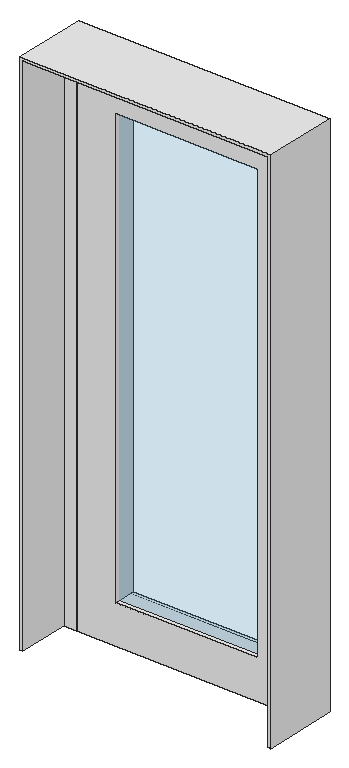
Revit family "Doorset_Exterior Door with Code Fitting_ASSA ABLOY DE_Hardware Light", category Doors, host Wall, Revit 2015
Parameters (values of type "900 x 2110 mm (1000 x 2160 mm)")
  Uniclass 2.0 Description = "Doorsets"
  Uniclass 2.0 Code = "PR-59-23"
  Uniclass 1.4 Description = "Doors"
  Uniclass 1.4 Code = "L411"
  URL = "http://www.assaabloy.de/de/local/de/bim-spezifikationen/bim-tuerloesungen/bim/eingangstuer-mit-codebeschlag-und-panikschloss-de08/"
  Type Comments = "900 x 2110 mm (1000 x 2160 mm)"
  Thickness Constraint = if(Thickness < Minimum Thickness, Minimum Thickness, if(Thickness > Maximum Thickness, Maximum Thickness, Thickness))  # 90 mm
  Thickness = 90 mm
  Rough Width = Width + 24 mm  # 1024 mm
  Rough Height = Height + 12 mm  # 2172 mm
  Region Europe = "DE"
  Provider = "ASSA ABLOY DE"  # constant formula
  Product Guid = "2306de3a-a31f-441d-86b6-8b9c96043a70"
  Panel Width = Width - (2 mm * 50)  # 900 mm
  Panel Material = Steel/Aluminium
  Panel Height = Height - 50 mm  # 2110 mm
  OmniClass Title = "Doors"
  OmniClass Number = "23-17 11 00"
  Name = "Entrance Door with Code Fitting"  # constant formula
  NBS Reference Description = "Doorsets"
  NBS Reference Code = "59-23"
  Model = "Doorset_Entrance Door with Code Fitting_ASSA ABLOY DE_Hardware Light"  # constant formula
  Minimum Thickness = 38 mm  # constant formula
  Minimum Door Width = 900 mm  # constant formula
  Minimum Door Height = 2110 mm  # constant formula
  Maximum Thickness = 105 mm  # constant formula
  Maximum Door Width = 1500 mm  # constant formula
  Maximum Door Height = 3750 mm  # constant formula
  Manufacturer = "ASSA ABLOY"  # constant formula
  Locksets = "1x Security Panic Lock_OneSystem_ASSA ABLOY"  # constant formula
  Identity and Access Solutions = "1x Escutcheon code fitting + Handle_ESA Premium_Effeff"  # constant formula
  IFC Classification = "Door"
  Hardware Set = "ES1-AC-PE-ML-DC-DE08"  # constant formula
  Function = Exterior
  Height = if(Frame Height < Minimum Door Height, Minimum Door Height + 50 mm, if(Frame Height > Maximum Door Height, Maximum Door Height + 50 mm, Frame Height))  # 2160 mm
  Wall Closure = By host
  Width = if(Frame Width < Minimum Door Width, Minimum Door Width + 100 mm, if(Frame Width > Maximum Door Width, Maximum Door Width + 100 mm, Frame Width))  # 1000 mm
  Frame Width = 1000 mm
  Frame Material = Steel/Aluminium
  Frame Height = 2160 mm
  Frame Depth [instance] = Thickness Constraint  # 90 mm
  Edition number = 1
  Door Width [instance] = 1000 mm
  Door Height [instance] = 2160 mm
  Door Closers = "1x Door Closer DC700 with guide rail_Cam-Motion®_ASSA ABLOY"  # constant formula
  Description = "Self Closing Access Control with Panic Device"  # constant formula
  Date of publishing = "22.09.2016"
  Contact Provider = "www.assaabloy.de/kontakt-tuerloesungen/"
  BIMobject Unique ref = "ES1-AC-PE-ML-DC-DE08"
  BIMobject Product Page = "http://bimobject.com/assaabloy-de/product/es1-ac-pe-ml-dc-de08"
  BIMobject Product Group = "Single-Steel/Aluminium-Self Closing-Access Control-Panic Device"
  BIMobject Product Family = "Exterior Door Solutions"
  BIMobject Instructions Video = "https://www.youtube.com/watch?v=BP0i_x6Tqq8&feature=youtu.be"
  BIMobject Brand = "ASSA ABLOY DE"
Types (8, lengths in mm): name | Type Comments | Rough Width | Rough Height | Panel Width | Panel Height | Height | Width | Frame Width | Frame Height | Door Width | Door Height
  (no name) | "900 x 2110 mm (1000 x 2160 mm)" | 1024 | 2172 | 900 | 2110 | 2160 | 1000 | 1000 | 2160 | 1000 | 2160
  900 x 2110 mm (1000 x 2160 mm) | "900 x 2110 mm (1000 x 2160 mm)" | 1024 | 2172 | 900 | 2110 | 2160 | 1000 | 1000 | 2160 | 1000 | 2160
  1000 x 2110 mm (1100 x 2160 mm) | "1000 x 2110 mm (1100 x 2160 mm)" | 1124 | 2172 | 1000 | 2110 | 2160 | 1100 | 1100 | 2160 | 1100 | 2160
  1000 x 2500 mm (1100 x 2550 mm) | "1000 x 2500 mm (1100 x 2550 mm)" | 1124 | 2562 | 1000 | 2500 | 2550 | 1100 | 1100 | 2550 | 1100 | 2550
  1000 x 3750 mm (1100 x 3800 mm) | "1000 x 3750 mm (1100 x 3800 mm)" | 1124 | 3812 | 1000 | 3750 | 3800 | 1100 | 1100 | 3800 | 1100 | 3800
  1300 x 2500 mm (1400 x 2550 mm) | "1300 x 2500 mm (1400 x 2550 mm)" | 1424 | 2562 | 1300 | 2500 | 2550 | 1400 | 1400 | 2550 | 1400 | 2550
  1300 x 3750 mm (1400 x 3800 mm) | "1300 x 3750 mm (1400 x 3800 mm)" | 1424 | 3812 | 1300 | 3750 | 3800 | 1400 | 1400 | 3800 | 1400 | 3800
  1500 x 3750 mm (1600 x 3800 mm) | "1500 x 3750 mm (1600 x 3800 mm)" | 1624 | 3812 | 1500 | 3750 | 3800 | 1600 | 1600 | 3800 | 1600 | 3800
Reference planes
  plane 1: y = 0
  plane 2 "Center (Left/Right)": x = 0
  plane 3 "Exterior": y = 150
  plane 4 "Interior": y = -150
  plane 5: y = 60
  plane 6: x = 512
  plane 7: x = -512
  plane 8: z = 2172
  plane 9: x = -500
  plane 10: x = 500
  plane 11: z = 2160
  plane 12: x = -450
  plane 13: x = 450
  plane 14: z = 2110
  plane 15: z = 1950
  plane 16: z = 160
  plane 17: x = -290
  plane 18: x = 290
  plane 19: y = 135
  plane 20: y = 75
  plane 21: y = 1174
  plane 22: y = 1050
  plane 23: z = 1055
  plane 24: x = 360
  plane 25: x = 385.5
  plane 26: x = -415
Forms (mm)
  Extrusion 1, solid, material "Steel/Aluminium" <- "Frame Material"
    sketch origin (0, 150, 0) x (1, 0, 0) y (0, 0, 1)
      loop
        line (500, 2160) -> (-500, 2160) -> (-500, 0) -> (-450, 0) -> (-450, 2110) -> (450, 2110) -> (450, 0) -> (500, 0) -> (500, 2160)
    from 0 to 90
  Extrusion 2, solid, material "Steel/Aluminium" <- "Panel Material"
    sketch origin (0, 150, 0) x (1, 0, 0) y (0, 0, 1)
      loop
        line (450, 2110) -> (-450, 2110) -> (-450, 0) -> (450, 0) -> (450, 2110)
      loop
        line (-290, 1950) -> (-290, 160) -> (290, 160) -> (290, 1950) -> (-290, 1950)
    from 0 to 90
  Extrusion 3, solid, material "Door Glass"
    sketch origin (0, 150, 0) x (1, 0, 0) y (0, 0, 1)
      loop
        line (290, 1950) -> (-290, 1950) -> (-290, 160) -> (290, 160) -> (290, 1950)
    from 15 to 75
  Extrusion 4, solid, material "Steel/Aluminium" <- "Frame Material"
    sketch origin (0, 150, 0) x (1, 0, 0) y (0, 0, 1)
      loop
        line (512, 2172) -> (-512, 2172) -> (-512, 0) -> (-500, 0) -> (-500, 2160) -> (500, 2160) -> (500, 0) -> (512, 0) -> (512, 2172)
    from 0 to 300
Lines and regions (mm)
  Opening 1
    outline origin (-5000, -150, 0) x (1, 0, 0) y (0, 0, 1)
      loop
        line (4488, 2172) -> (4488, 0) -> (5512, 0) -> (5512, 2172) -> (4488, 2172)
  Masking region 1
    outline origin (0, 0, 0) x (0, 1, 0) y (0, 0, 1)
      loop
        line (60, 2160) -> (60, 0) -> (150, 0) -> (150, 2160) -> (60, 2160)
  Masking region 2
    outline origin (0, 0, 0) x (1, 0, 0) y (0, 1, 0)
      loop
        line (-512, 150) -> (-512, -150) -> (512, -150) -> (512, 150) -> (-512, 150)
  Masking region 3, detail levels medium
    outline origin (0, 0, 0) x (1, 0, 0) y (0, 1, 0)
      loop
        line (-450, 150) -> (-500, 150) -> (-500, 60) -> (-450, 60) -> (-450, 150)
      loop
        line (450, 150) -> (450, 60) -> (500, 60) -> (500, 150) -> (450, 150)
  Masking region 4, detail levels medium
    outline origin (0, 0, 0) x (1, 0, 0) y (0, 1, 0)
      loop
        line (450, 1050) -> (360, 1050) -> (360, 150) -> (450, 150) -> (450, 1050)
  Masking region 5, detail levels fine
    outline origin (0, 0, 0) x (1, 0, 0) y (0, 1, 0)
      loop
        line (435, 1050) -> (435, 1040) -> (375, 1040) -> (375, 1030) -> (360, 1030) -> (360, 170) -> (375, 170) -> (375, 160) -> (435, 160) -> (435, 150) -> (450, 150) -> (450, 1050) -> (435, 1050)
  Masking region 6, detail levels fine
    outline origin (0, 0, 0) x (1, 0, 0) y (0, 1, 0)
      loop
        line (-450, 150) -> (-500, 150) -> (-500, 60) -> (-430, 60) -> (-430, 75) -> (-440, 75) -> (-440, 135) -> (-450, 135) -> (-450, 150)
      loop
        line (500, 150) -> (450, 150) -> (450, 135) -> (440, 135) -> (440, 75) -> (430, 75) -> (430, 60) -> (500, 60) -> (500, 150)
  Masking region 7, detail levels fine
    outline origin (0, 0, 0) x (1, 0, 0) y (0, 1, 0)
      loop
        line (360, 1022.1) -> (350, 1022.1) -> (350, 1012.1) -> (320, 1012.1)
        arc (320, 1012.1) -> (292.564, 1000.736) -> (281.2, 973.3) r 38.8
        line (281.2, 973.3) -> (281.2, 891.5) -> (304.071, 891.5) -> (304.071, 971.971)
        arc (304.071, 971.971) -> (308.736, 983.234) -> (320, 987.9) r 15.929
        line (320, 987.9) -> (350, 987.9) -> (350, 977.9) -> (360, 977.9) -> (360, 1022.1)
  Masking region 8, detail levels fine
    outline origin (810, 0, 0) x (0, 1, 0) y (-1, 0, 0)
      loop
        line (1022.1, 360) -> (977.9, 360) -> (977.9, 350) -> (987.9, 350) -> (987.9, 320)
        arc (987.9, 320) -> (983.234, 308.736) -> (971.971, 304.071) r 15.929
        line (971.971, 304.071) -> (891.5, 304.071) -> (891.5, 281.2) -> (973.3, 281.2)
        arc (973.3, 281.2) -> (1000.736, 292.564) -> (1012.1, 320) r 38.8
        line (1012.1, 320) -> (1012.1, 350) -> (1022.1, 350) -> (1022.1, 360)
  Masking region 9, not visible, detail levels fine
    outline origin (810, 0, 0) x (0, 1, 0) y (-1, 0, 0)
      loop
        line (1022.1, 360) -> (977.9, 360) -> (977.9, 350) -> (987.9, 350) -> (987.9, 320)
        arc (987.9, 320) -> (983.234, 308.736) -> (971.971, 304.071) r 15.929
        line (971.971, 304.071) -> (891.5, 304.071) -> (891.5, 281.2) -> (973.3, 281.2)
        arc (973.3, 281.2) -> (1000.736, 292.564) -> (1012.1, 320) r 38.8
        line (1012.1, 320) -> (1012.1, 350) -> (1022.1, 350) -> (1022.1, 360)
  Masking region 10, not visible, detail levels fine
    outline origin (0, 0, 0) x (1, 0, 0) y (0, 1, 0)
      loop
        line (360, 1022.1) -> (350, 1022.1) -> (350, 1012.1) -> (320, 1012.1)
        arc (320, 1012.1) -> (292.564, 1000.736) -> (281.2, 973.3) r 38.8
        line (281.2, 973.3) -> (281.2, 891.5) -> (304.071, 891.5) -> (304.071, 971.971)
        arc (304.071, 971.971) -> (308.736, 983.234) -> (320, 987.9) r 15.929
        line (320, 987.9) -> (350, 987.9) -> (350, 977.9) -> (360, 977.9) -> (360, 1022.1)
  Masking region 11, detail levels fine
    outline origin (0, 0, 0) x (0, 1, 0) y (0, 0, 1)
      loop
        line (60, 2110) -> (60, 2132.942) -> (16.334, 2132.942) -> (16.334, 2110) -> (28.339, 2110) -> (28.339, 2107.15) -> (19.3, 2107.15) -> (19.3, 2093.5) -> (3, 2093.5) -> (3, 2064) -> (4, 2064) -> (4, 2059) -> (3, 2059) -> (3, 2029.5) -> (60, 2029.5) -> (60, 2093.5) -> (41.3, 2093.5) -> (41.3, 2102.15) -> (50.332, 2102.15) -> (50.332, 2110) -> (60, 2110)
  Masking region 12, not visible, detail levels fine
    outline origin (0, 0, 0) x (0, 1, 0) y (0, 0, 1)
      loop
        line (60, 2110) -> (60, 2132.942) -> (16.334, 2132.942) -> (16.334, 2110) -> (28.339, 2110) -> (28.339, 2107.15) -> (19.3, 2107.15) -> (19.3, 2093.5) -> (3, 2093.5) -> (3, 2064) -> (4, 2064) -> (4, 2059) -> (3, 2059) -> (3, 2029.5) -> (60, 2029.5) -> (60, 2093.5) -> (41.3, 2093.5) -> (41.3, 2102.15) -> (50.332, 2102.15) -> (50.332, 2110) -> (60, 2110)
  Masking region 13, detail levels fine
    outline origin (0, 0, 0) x (0, 1, 0) y (0, 0, 1)
      loop
        line (60, 1191.551) -> (56.766, 1191.551)
        arc (56.766, 1191.551) -> (52.86, 1190.504) -> (50, 1187.644) r 7.813
        line (50, 1187.644) -> (50, 1061.268) -> (-1.406, 1061.268)
        arc (-1.406, 1061.268) -> (-12.678, 1049.996) -> (-1.406, 1038.724) r 11.272
        line (-1.406, 1038.724) -> (50, 1038.724) -> (50, 889.5) -> (60, 889.5) -> (60, 1191.551)
  Masking region 14, detail levels fine
    outline origin (0, 210, 0) x (0, -1, 0) y (0, 0, 1)
      loop
        line (60, 1191.551) -> (50, 1191.551) -> (50, 1061.268) -> (-1.406, 1061.268)
        arc (-1.406, 1061.268) -> (-12.678, 1049.996) -> (-1.406, 1038.724) r 11.272
        line (-1.406, 1038.724) -> (50, 1038.724) -> (50, 889.5) -> (60, 889.5) -> (60, 1191.551)
  Masking region 15, not visible, detail levels fine
    outline origin (0, 0, 0) x (0, 1, 0) y (0, 0, 1)
      loop
        line (60, 1191.551) -> (56.766, 1191.551)
        arc (56.766, 1191.551) -> (52.86, 1190.504) -> (50, 1187.644) r 7.813
        line (50, 1187.644) -> (50, 1061.268) -> (-1.406, 1061.268)
        arc (-1.406, 1061.268) -> (-12.678, 1049.996) -> (-1.406, 1038.724) r 11.272
        line (-1.406, 1038.724) -> (50, 1038.724) -> (50, 889.5) -> (60, 889.5) -> (60, 1191.551)
  Masking region 16, not visible, detail levels fine
    outline origin (0, 210, 0) x (0, -1, 0) y (0, 0, 1)
      loop
        line (60, 1191.551) -> (50, 1191.551) -> (50, 1061.268) -> (-1.406, 1061.268)
        arc (-1.406, 1061.268) -> (-12.678, 1049.996) -> (-1.406, 1038.724) r 11.272
        line (-1.406, 1038.724) -> (50, 1038.724) -> (50, 889.5) -> (60, 889.5) -> (60, 1191.551)
  symbolic lines, style "Doors", detail levels medium+fine
    curve 1: line (0, 150, 2110) -> (0, 60, 2110)
    curve 2: line (0, 60, 1950) -> (0, 150, 1950)
    curve 3: line (0, 150, 160) -> (0, 60, 160)
  symbolic lines, style "Doors", detail levels fine
    curve 4: line (0, 105, 1950) -> (0, 105, 160)
  symbolic lines, style "DoorsPanelProjection", detail levels coarse
    curve 5: line (512, 1174, 0) -> (512, 150, 0)
  symbolic lines, style "Plan Swing", detail levels coarse
    curve 6: arc (-512, 150, 0) -> (-212.077, 874.077, 0) -> (512, 1174, 0) r 1024
  symbolic lines, style "Elevation Swing"
    curve 7: line (450, 150, 2110) -> (-450, 150, 1055)
    curve 8: line (-450, 150, 1055) -> (450, 150, 0)
  symbolic lines, style "Plan Swing", detail levels medium+fine
    curve 9: arc (-450, 150, 0) -> (-186.396, 786.396, 0) -> (450, 1050, 0) r 900
  symbolic lines, detail levels fine
    curve 10: line (450, 150, 0) -> (-450, 150, 0)
    curve 11: line (-450, 60, 0) -> (450, 60, 0)
    curve 12: line (350, 1012.1, 0) -> (350, 987.9, 0)
    curve 13: line (460, 1012.1, 0) -> (460, 987.9, 0)
    curve 16: line (0, 28.339, 2110) -> (0, 50.332, 2110)
    curve 17: line (0, 28.339, 2107.15) -> (0, 50.335, 2107.15)
    curve 18: line (0, 41.297, 2102.15) -> (0, 19.303, 2102.15)
    curve 19: line (0, 19.3, 2093.5) -> (0, 41.3, 2093.5)
    curve 20: line (0, 4, 2064) -> (0, 28.185, 2064)
    curve 21: line (0, 28.185, 2059) -> (0, 4, 2059)
    curve 22: arc (0, 45, 2049.5) -> (0, 33, 2061.5) -> (0, 45, 2073.5) r 12
    curve 23: line (0, 45, 2049.5) -> (0, 60, 2049.5)
    curve 24: line (0, 60, 2073.5) -> (0, 45, 2073.5)
    curve 25: line (0, 45, 2078.5) -> (0, 60, 2078.5)
    curve 26: arc (0, 45, 2078.5) -> (0, 33.898, 2074.374) -> (0, 28.185, 2064) r 17
    curve 27: arc (0, 28.185, 2059) -> (0, 33.898, 2048.626) -> (0, 45, 2044.5) r 17
    curve 28: line (0, 60, 2044.5) -> (0, 45, 2044.5)
    curve 42: line (0, 160, 1061.268) -> (0, 160, 1038.724)
    curve 43: line (0, 50, 1061.268) -> (0, 50, 1038.724)
  symbolic lines, not visible, detail levels fine
    curve 14: line (460, 1012.1, 0) -> (460, 987.9, 0)
    curve 15: line (350, 1012.1, 0) -> (350, 987.9, 0)
    curve 29: line (0, 28.339, 2110) -> (0, 50.332, 2110)
    curve 30: line (0, 28.339, 2107.15) -> (0, 50.335, 2107.15)
    curve 31: line (0, 41.297, 2102.15) -> (0, 19.303, 2102.15)
    curve 32: line (0, 19.3, 2093.5) -> (0, 41.3, 2093.5)
    curve 33: line (0, 4, 2064) -> (0, 28.185, 2064)
    curve 34: line (0, 28.185, 2059) -> (0, 4, 2059)
    curve 35: arc (0, 45, 2049.5) -> (0, 33, 2061.5) -> (0, 45, 2073.5) r 12
    curve 36: line (0, 45, 2049.5) -> (0, 60, 2049.5)
    curve 37: line (0, 60, 2073.5) -> (0, 45, 2073.5)
    curve 38: line (0, 45, 2078.5) -> (0, 60, 2078.5)
    curve 39: arc (0, 45, 2078.5) -> (0, 33.898, 2074.374) -> (0, 28.185, 2064) r 17
    curve 40: arc (0, 28.185, 2059) -> (0, 33.898, 2048.626) -> (0, 45, 2044.5) r 17
    curve 41: line (0, 60, 2044.5) -> (0, 45, 2044.5)
    curve 44: line (0, 50, 1061.268) -> (0, 50, 1038.724)
    curve 45: line (0, 160, 1061.268) -> (0, 160, 1038.724)
  model lines, style "Assa Abloy Hardware", detail levels fine
    curve 46: line (-118, 60, 2133) -> (385.5, 60, 2133)
    curve 47: line (-118, 60, 2110) -> (-118, 60, 2133)
    curve 48: line (385.5, 60, 2110) -> (-118, 60, 2110)
    curve 49: line (385.5, 60, 2133) -> (385.5, 60, 2110)
    curve 50: line (115.5, 60, 2093.5) -> (385.5, 60, 2093.5)
    curve 51: line (115.5, 60, 2029.5) -> (115.5, 60, 2093.5)
    curve 52: line (385.5, 60, 2029.5) -> (115.5, 60, 2029.5)
    curve 53: line (385.5, 60, 2093.5) -> (385.5, 60, 2029.5)
    curve 54: line (-83.89, 60, 2102.15) -> (-83.89, 60, 2110)
    curve 55: line (-83.89, 60, 2107.15) -> (308, 60, 2107.15)
    curve 56: line (308, 60, 2107.15) -> (308, 60, 2093.5)
    curve 57: line (285.98, 60, 2093.5) -> (285.98, 60, 2102.15)
    curve 58: line (-83.89, 60, 2102.15) -> (308, 60, 2102.15)
    curve 59: line (-61.882, 60, 2110) -> (-61.882, 60, 2107.15)
    curve 60: line (115.5, 60, 2064) -> (385.5, 60, 2064)
    curve 61: line (385.5, 60, 2059) -> (115.5, 60, 2059)
    curve 62: line (116.5, 60, 2064) -> (116.5, 60, 2059)
    curve 63: line (384.5, 60, 2064) -> (384.5, 60, 2059)
    curve 82: line (-435.5, 60, 910) -> (-435.5, 60, 1190)
    curve 83: line (-435.5, 60, 1190) -> (-394.5, 60, 1190)
    curve 84: line (-394.5, 60, 1190) -> (-394.5, 60, 1061.261)
    curve 85: arc (-435.5, 60, 910) -> (-415, 60, 889.5) -> (-394.5, 60, 910) r 20.5
    curve 86: line (-394.5, 60, 910) -> (-394.5, 60, 1038.719)
    curve 87: line (-306.5, 60, 1061.261) -> (-306.5, 60, 1038.719)
    curve 88: line (-306.5, 60, 1038.719) -> (-415, 60, 1038.719)
    curve 89: arc (-415, 60, 1038.719) -> (-426.271, 60, 1049.99) -> (-415, 60, 1061.261) r 11.271
    curve 90: line (-415, 60, 1061.261) -> (-306.5, 60, 1061.261)
    curve 91: line (-306.5, 150, 1061.261) -> (-306.5, 150, 1038.75)
    curve 92: line (-306.5, 150, 1038.75) -> (-414.919, 150, 1038.75)
    curve 93: arc (-414.919, 150, 1061.261) -> (-426.175, 150, 1050.006) -> (-414.919, 150, 1038.75) r 11.256
    curve 94: line (-306.5, 150, 1061.261) -> (-414.919, 150, 1061.261)
    curve 95: line (-394.5, 150, 1038.75) -> (-394.5, 150, 910)
    curve 96: arc (-394.5, 150, 910) -> (-415, 150, 889.5) -> (-435.5, 150, 910) r 20.5
    curve 97: line (-435.5, 150, 910) -> (-435.5, 150, 1190)
    curve 98: line (-435.5, 150, 1190) -> (-433.5, 150, 1192)
    curve 99: line (-433.5, 150, 1192) -> (-396.616, 150, 1192)
    curve 100: line (-396.616, 150, 1192) -> (-394.5, 150, 1189.884)
    curve 101: line (-394.5, 150, 1189.884) -> (-394.5, 150, 1061.261)
    curve 102: line (-396.616, 150, 1192) -> (-396.616, 150, 1099.7)
    curve 103: arc (-396.616, 150, 1099.7) -> (-415, 150, 1081.316) -> (-433.384, 150, 1099.7) r 18.384
    curve 104: line (-433.384, 150, 1099.7) -> (-433.384, 150, 1192)
    curve 105: arc (-394.5, 150, 1099.7) -> (-415, 150, 1079.2) -> (-435.5, 150, 1099.7) r 20.5
  model lines, style "Assa Abloy Hardware", not visible, detail levels fine
    curve 64: line (-118, 60, 2133) -> (385.5, 60, 2133)
    curve 65: line (-118, 60, 2110) -> (-118, 60, 2133)
    curve 66: line (385.5, 60, 2110) -> (-118, 60, 2110)
    curve 67: line (385.5, 60, 2133) -> (385.5, 60, 2110)
    curve 68: line (115.5, 60, 2093.5) -> (385.5, 60, 2093.5)
    curve 69: line (115.5, 60, 2029.5) -> (115.5, 60, 2093.5)
    curve 70: line (385.5, 60, 2029.5) -> (115.5, 60, 2029.5)
    curve 71: line (385.5, 60, 2093.5) -> (385.5, 60, 2029.5)
    curve 72: line (-83.89, 60, 2102.15) -> (-83.89, 60, 2110)
    curve 73: line (-83.89, 60, 2107.15) -> (308, 60, 2107.15)
    curve 74: line (308, 60, 2107.15) -> (308, 60, 2093.5)
    curve 75: line (285.98, 60, 2093.5) -> (285.98, 60, 2102.15)
    curve 76: line (-83.89, 60, 2102.15) -> (308, 60, 2102.15)
    curve 77: line (-61.882, 60, 2110) -> (-61.882, 60, 2107.15)
    curve 78: line (115.5, 60, 2064) -> (385.5, 60, 2064)
    curve 79: line (385.5, 60, 2059) -> (115.5, 60, 2059)
    curve 80: line (116.5, 60, 2064) -> (116.5, 60, 2059)
    curve 81: line (384.5, 60, 2064) -> (384.5, 60, 2059)
    curve 106: line (-435.5, 60, 910) -> (-435.5, 60, 1190)
    curve 107: line (-435.5, 60, 1190) -> (-394.5, 60, 1190)
    curve 108: line (-394.5, 60, 1190) -> (-394.5, 60, 1061.261)
    curve 109: arc (-435.5, 60, 910) -> (-415, 60, 889.5) -> (-394.5, 60, 910) r 20.5
    curve 110: line (-394.5, 60, 910) -> (-394.5, 60, 1038.719)
    curve 111: line (-306.5, 60, 1061.261) -> (-306.5, 60, 1038.719)
    curve 112: line (-306.5, 60, 1038.719) -> (-415, 60, 1038.719)
    curve 113: arc (-415, 60, 1038.719) -> (-426.271, 60, 1049.99) -> (-415, 60, 1061.261) r 11.271
    curve 114: line (-415, 60, 1061.261) -> (-306.5, 60, 1061.261)
    curve 115: line (-306.5, 150, 1061.261) -> (-306.5, 150, 1038.75)
    curve 116: line (-306.5, 150, 1038.75) -> (-414.919, 150, 1038.75)
    curve 117: arc (-414.919, 150, 1061.261) -> (-426.175, 150, 1050.006) -> (-414.919, 150, 1038.75) r 11.256
    curve 118: line (-306.5, 150, 1061.261) -> (-414.919, 150, 1061.261)
    curve 119: line (-394.5, 150, 1038.75) -> (-394.5, 150, 910)
    curve 120: arc (-394.5, 150, 910) -> (-415, 150, 889.5) -> (-435.5, 150, 910) r 20.5
    curve 121: line (-435.5, 150, 910) -> (-435.5, 150, 1190)
    curve 122: line (-435.5, 150, 1190) -> (-433.5, 150, 1192)
    curve 123: line (-433.5, 150, 1192) -> (-396.616, 150, 1192)
    curve 124: line (-396.616, 150, 1192) -> (-394.5, 150, 1189.884)
    curve 125: line (-394.5, 150, 1189.884) -> (-394.5, 150, 1061.261)
    curve 126: line (-396.616, 150, 1192) -> (-396.616, 150, 1099.7)
    curve 127: arc (-396.616, 150, 1099.7) -> (-415, 150, 1081.316) -> (-433.384, 150, 1099.7) r 18.384
    curve 128: line (-433.384, 150, 1099.7) -> (-433.384, 150, 1192)
    curve 129: arc (-394.5, 150, 1099.7) -> (-415, 150, 1079.2) -> (-435.5, 150, 1099.7) r 20.5
Text (mm)
  text "Exterior" at (-2582.17, 525.235, 0), in view "Ref. Level"
  text "Exterior" at (0, 1615.38, 3698.081), in view "Left"
  text "Exterior" at (0, 1036.032, 3874.932), in view "Right"
Dimensions and locks
  locked: plane 3 "Exterior" to host wall at 0
  locked: plane 4 "Interior" to host wall
  "Thickness Constraint": plane 5 to plane 3 "Exterior"
  equal spacing: plane 7, plane 2 "Center (Left/Right)", plane 6
  "Rough Height": plane 8 to level
  "Rough Width": plane 7 to plane 6
  locked: plane 7 to plane 9 at 12
  locked: plane 6 to plane 10 at 12
  locked: plane 13 to plane 10 at 50
  locked: plane 12 to plane 9 at 50
  locked: plane 8 to plane 11 at 12
  locked: plane 11 to plane 14 at 50
  "Door Width": plane 10 to plane 9
  "Door Height": plane 11 to level
  locked: plane 17 to plane 12 at 160
  locked: plane 18 to plane 13 at 160
  locked: plane 14 to plane 15 at 160
  locked: plane 16 to level at 160
  locked: plane 19 to plane 3 "Exterior" at 15
  locked: plane 20 to plane 5 at 15
  equal spacing: plane 5, curve 4, plane 3 "Exterior"
  "Rough Width": plane 3 "Exterior" to plane 21
  "Panel Width": plane 3 "Exterior" to plane 22
  equal spacing: plane 15, plane 23, plane 16
  "Thickness Constraint": plane 24 to plane 13
  locked: plane 24 to Masking region 5 sketch curve at 15  (x2)
  locked: plane 25 to plane 13 at 64.5
  locked: plane 26 to plane 12 at 35
  locked: plane 22 to Masking region 8 at 37.9
  locked: plane 22 to Masking region 7 at 37.9
  locked: plane 16 to Masking region 13 at 878.724
  locked: plane 16 to Masking region 14 at 878.724
  locked: curve 95 to plane 26 at 20.5
  locked: plane 16 to curve 92 at 878.75
  aligned and locked: plane 1 to host wall
  aligned and locked: Opening 1 sketch curve to plane 8
  aligned and locked: Opening 1 sketch curve to plane 6
  aligned and locked: plane 7 to Opening 1 sketch curve
  aligned and locked: Opening 1 sketch curve to level
  aligned and locked: Extrusion 1 sketch curve to plane 11
  aligned and locked: plane 10 to Extrusion 1 sketch curve
  aligned and locked: Extrusion 1 sketch curve to plane 9
  aligned and locked: Extrusion 1 sketch curve to plane 12
  aligned and locked: plane 13 to Extrusion 1 sketch curve
  aligned and locked: Extrusion 1 sketch curve to plane 14
  aligned and locked: Extrusion 1 sketch curve to level  (x2)
  aligned and locked: Extrusion 1 to plane 3 "Exterior"
  aligned and locked: Extrusion 1 to plane 5
  aligned and locked: Extrusion 2 sketch curve to plane 14
  aligned and locked: Extrusion 2 sketch curve to plane 15
  aligned and locked: plane 13 to Extrusion 2 sketch curve
  aligned and locked: plane 18 to Extrusion 2 sketch curve
  aligned and locked: Extrusion 2 sketch curve to plane 17
  aligned and locked: Extrusion 2 sketch curve to plane 12
  aligned and locked: Extrusion 2 sketch curve to plane 16
  aligned and locked: Extrusion 2 sketch curve to level
  aligned and locked: Extrusion 2 to plane 3 "Exterior"
  aligned and locked: Extrusion 2 to plane 5
  aligned and locked: plane 15 to Extrusion 3 sketch curve
  aligned and locked: plane 17 to Extrusion 3 sketch curve
  aligned and locked: Extrusion 3 sketch curve to plane 18
  aligned and locked: plane 16 to Extrusion 3 sketch curve
  aligned and locked: Extrusion 3 to plane 19
  aligned and locked: Extrusion 3 to plane 20
  aligned and locked: Masking region 1 sketch curve to plane 3 "Exterior"
  aligned and locked: Masking region 1 sketch curve to level
  aligned and locked: curve 1 to plane 14
  aligned and locked: curve 2 to plane 15
  aligned and locked: curve 3 to plane 16
  aligned and locked: plane 3 "Exterior" to curve 1
  aligned and locked: plane 5 to curve 3
  aligned and locked: plane 3 "Exterior" to curve 3
  aligned and locked: plane 5 to curve 2
  aligned and locked: plane 3 "Exterior" to curve 2
  aligned and locked: plane 15 to curve 4
  aligned and locked: plane 16 to curve 4
  aligned and locked: plane 7 to Masking region 2 sketch curve
  aligned and locked: Masking region 2 sketch curve to plane 6
  aligned and locked: Masking region 2 sketch curve to plane 3 "Exterior"
  aligned and locked: Masking region 2 sketch curve to plane 4 "Interior"
  aligned and locked: curve 5 to plane 6
  aligned and locked: plane 21 to curve 5
  aligned and locked: plane 3 "Exterior" to curve 5
  aligned and locked: Masking region 3 sketch curve to plane 12
  aligned and locked: Masking region 3 sketch curve to plane 9
  aligned and locked: Masking region 3 sketch curve to plane 3 "Exterior"  (x2)
  aligned and locked: Masking region 3 sketch curve to plane 5  (x2)
  aligned and locked: plane 13 to Masking region 3 sketch curve
  aligned and locked: plane 10 to Masking region 3 sketch curve
  aligned and locked: plane 13 to Masking region 4 sketch curve
  aligned and locked: Masking region 4 sketch curve to plane 24
  aligned and locked: Masking region 4 sketch curve to plane 22
  aligned and locked: Masking region 4 sketch curve to plane 3 "Exterior"
  aligned and locked: Masking region 5 sketch curve to plane 22
  aligned and locked: plane 13 to Masking region 5 sketch curve
  aligned and locked: Masking region 5 sketch curve to plane 24
  aligned and locked: Masking region 5 sketch curve to plane 3 "Exterior"
  aligned and locked: Masking region 6 sketch curve to plane 3 "Exterior"  (x2)
  aligned and locked: Masking region 6 sketch curve to plane 5  (x2)
  aligned and locked: Masking region 6 sketch curve to plane 12
  aligned and locked: Masking region 6 sketch curve to plane 9
  aligned and locked: Masking region 6 sketch curve to plane 19
  aligned and locked: Masking region 6 sketch curve to plane 20
  aligned and locked: plane 10 to Masking region 6 sketch curve
  aligned and locked: plane 13 to Masking region 6 sketch curve
  aligned and locked: plane 20 to Masking region 6 sketch curve
  aligned and locked: plane 19 to Masking region 6 sketch curve
  aligned and locked: curve 10 to plane 3 "Exterior"
  aligned and locked: curve 11 to plane 5
  aligned and locked: plane 12 to curve 11
  aligned and locked: plane 13 to curve 11
  aligned and locked: plane 13 to curve 10
  aligned and locked: plane 12 to curve 10
  aligned and locked: Masking region 1 sketch curve to plane 11
  aligned and locked: Masking region 1 sketch curve to plane 5
  aligned and locked: plane 8 to Extrusion 4 sketch curve
  aligned and locked: plane 11 to Extrusion 4 sketch curve
  aligned and locked: plane 6 to Extrusion 4 sketch curve
  aligned and locked: Extrusion 4 sketch curve to plane 10
  aligned and locked: plane 9 to Extrusion 4 sketch curve
  aligned and locked: Extrusion 4 sketch curve to plane 7
  aligned and locked: level to Extrusion 4 sketch curve  (x2)
  aligned and locked: plane 4 "Interior" to Extrusion 4
  aligned and locked: Extrusion 4 to plane 3 "Exterior"
  aligned and locked: Extrusion 3 to Extrusion 2
  aligned and locked: plane 13 to Masking region 8
  aligned and locked: plane 24 to Masking region 7
  aligned and locked: Masking region 11 to plane 5
  aligned and locked: Masking region 11 to plane 14
  aligned and locked: Masking region 13 to plane 5
  aligned and locked: plane 3 "Exterior" to Masking region 14
  aligned and locked: curve 53 to plane 25
  aligned and locked: curve 48 to plane 14
Automatic sketch dimensions
  Masking region 7 sketch curve to Masking region 7 sketch curve = 30 mm  (x2)
  Masking region 7 sketch curve to Masking region 7 sketch curve = 0 mm
  Masking region 7 sketch curve to Masking region 7 sketch curve = 1.329 mm
  Masking region 7 sketch curve to Masking region 7 sketch curve = 10 mm  (x3)
  Masking region 8 sketch curve to Masking region 8 sketch curve = 1.329 mm
  Masking region 8 sketch curve to Masking region 8 sketch curve = 4.6 mm
  Masking region 8 sketch curve to Masking region 8 sketch curve = 10 mm  (x3)
  Masking region 8 sketch curve to Masking region 8 sketch curve = 24.2 mm
  Masking region 8 sketch curve to Masking region 8 sketch curve = 80.471 mm
  Masking region 8 sketch curve to Masking region 8 sketch curve = 22.871 mm
  Masking region 8 sketch curve to Masking region 8 sketch curve = 30 mm  (x2)
  Masking region 9 sketch curve to Masking region 9 sketch curve = 1.329 mm
  Masking region 9 sketch curve to Masking region 9 sketch curve = 4.6 mm
  Masking region 9 sketch curve to Masking region 9 sketch curve = 10 mm  (x3)
  Masking region 9 sketch curve to Masking region 9 sketch curve = 24.2 mm
  Masking region 9 sketch curve to Masking region 9 sketch curve = 80.471 mm
  Masking region 9 sketch curve to Masking region 9 sketch curve = 22.871 mm
  Masking region 9 sketch curve to Masking region 9 sketch curve = 30 mm  (x2)
  Masking region 7 sketch curve to Masking region 7 sketch curve = 22.871 mm
  Masking region 7 sketch curve to Masking region 7 sketch curve = 15.929 mm
  Masking region 7 sketch curve to Masking region 7 sketch curve = 80.471 mm
  Masking region 10 sketch curve to Masking region 10 sketch curve = 30 mm  (x2)
  Masking region 10 sketch curve to Masking region 10 sketch curve = 0 mm
  Masking region 10 sketch curve to Masking region 10 sketch curve = 1.329 mm
  Masking region 10 sketch curve to Masking region 10 sketch curve = 10 mm  (x3)
  Masking region 10 sketch curve to Masking region 10 sketch curve = 22.871 mm
  Masking region 10 sketch curve to Masking region 10 sketch curve = 15.929 mm
  Masking region 10 sketch curve to Masking region 10 sketch curve = 80.471 mm
  Masking region 11 sketch curve to Masking region 11 sketch curve = 0 mm  (x2)
  Masking region 11 sketch curve to Masking region 11 sketch curve = 1 mm
  Masking region 11 sketch curve to Masking region 11 sketch curve = 13.334 mm
  Masking region 11 sketch curve to Masking region 11 sketch curve = 16.3 mm
  Masking region 11 sketch curve to Masking region 11 sketch curve = 9.039 mm
  Masking region 11 sketch curve to Masking region 11 sketch curve = 12.961 mm
  Masking region 11 sketch curve to Masking region 11 sketch curve = 9.032 mm
  Masking region 11 sketch curve to Masking region 11 sketch curve = 9.668 mm
  Masking region 11 sketch curve to Masking region 11 sketch curve = 29.5 mm  (x2)
  Masking region 11 sketch curve to Masking region 11 sketch curve = 5 mm  (x2)
  Masking region 11 sketch curve to Masking region 11 sketch curve = 8.65 mm
  Masking region 11 sketch curve to Masking region 11 sketch curve = 2.85 mm
  Masking region 11 sketch curve to Masking region 11 sketch curve = 7.85 mm
  Masking region 11 sketch curve to Masking region 11 sketch curve = 57 mm
  Masking region 11 sketch curve to Masking region 11 sketch curve = 22.942 mm
  Masking region 12 sketch curve to Masking region 12 sketch curve = 0 mm  (x2)
  Masking region 12 sketch curve to Masking region 12 sketch curve = 1 mm
  Masking region 12 sketch curve to Masking region 12 sketch curve = 13.334 mm
  Masking region 12 sketch curve to Masking region 12 sketch curve = 16.3 mm
  Masking region 12 sketch curve to Masking region 12 sketch curve = 9.039 mm
  Masking region 12 sketch curve to Masking region 12 sketch curve = 12.961 mm
  Masking region 12 sketch curve to Masking region 12 sketch curve = 9.032 mm
  Masking region 12 sketch curve to Masking region 12 sketch curve = 9.668 mm
  Masking region 12 sketch curve to Masking region 12 sketch curve = 29.5 mm  (x2)
  Masking region 12 sketch curve to Masking region 12 sketch curve = 5 mm  (x2)
  Masking region 12 sketch curve to Masking region 12 sketch curve = 8.65 mm
  Masking region 12 sketch curve to Masking region 12 sketch curve = 2.85 mm
  Masking region 12 sketch curve to Masking region 12 sketch curve = 7.85 mm
  Masking region 12 sketch curve to Masking region 12 sketch curve = 57 mm
  Masking region 12 sketch curve to Masking region 12 sketch curve = 22.942 mm
  curve 6 to host wall = 0 mm
  curve 9 to plane 13 = 0 mm
  curve 7 to plane 12 = 0 mm
  curve 8 to level = 0 mm
  plane 13 to curve 8 = 0 mm
  plane 13 to curve 7 = 0 mm
  curve 8 to plane 23 = 0 mm
  curve 7 to plane 14 = 0 mm
  plane 13 to Masking region 5 sketch curve = 15 mm  (x2)
  host wall to Masking region 5 sketch curve = 10 mm
  Masking region 5 sketch curve to Masking region 5 sketch curve = 10 mm
  Masking region 5 sketch curve to plane 22 = 20 mm
  Masking region 5 sketch curve to plane 22 = 10 mm
  plane 12 to Masking region 6 sketch curve = 10 mm
  Masking region 6 sketch curve to Masking region 6 sketch curve = 10 mm
  plane 13 to Masking region 6 sketch curve = 20 mm
  plane 13 to Masking region 6 sketch curve = 10 mm
  Masking region 13 sketch curve to Masking region 13 sketch curve = 149.224 mm
  Masking region 13 sketch curve to Masking region 13 sketch curve = 122.469 mm
  Masking region 13 sketch curve to Masking region 13 sketch curve = 3.906 mm
  Masking region 14 sketch curve to Masking region 14 sketch curve = 51.406 mm
  Masking region 14 sketch curve to Masking region 14 sketch curve = 149.224 mm
  Masking region 14 sketch curve to Masking region 14 sketch curve = 130.282 mm
  curve 1 to plane 5 = 0 mm
  Masking region 13 sketch curve to Masking region 13 sketch curve = 51.406 mm
  Masking region 13 sketch curve to Masking region 13 sketch curve = 0 mm
  Masking region 13 sketch curve to Masking region 13 sketch curve = 6.766 mm
  Masking region 13 sketch curve to Masking region 13 sketch curve = 3.234 mm
  Masking region 13 sketch curve to Masking region 13 sketch curve = 11.272 mm
  Masking region 15 sketch curve to Masking region 15 sketch curve = 149.224 mm
  Masking region 15 sketch curve to Masking region 15 sketch curve = 122.469 mm
  Masking region 15 sketch curve to Masking region 15 sketch curve = 3.906 mm
  Masking region 15 sketch curve to Masking region 15 sketch curve = 51.406 mm
  Masking region 15 sketch curve to Masking region 15 sketch curve = 0 mm
  Masking region 15 sketch curve to Masking region 15 sketch curve = 6.766 mm
  Masking region 15 sketch curve to Masking region 15 sketch curve = 3.234 mm
  Masking region 15 sketch curve to Masking region 15 sketch curve = 11.272 mm
  Masking region 14 sketch curve to Masking region 14 sketch curve = 0 mm
  Masking region 14 sketch curve to Masking region 14 sketch curve = 10 mm
  Masking region 14 sketch curve to Masking region 14 sketch curve = 11.272 mm
  Masking region 16 sketch curve to Masking region 16 sketch curve = 51.406 mm
  Masking region 16 sketch curve to Masking region 16 sketch curve = 149.224 mm
  Masking region 16 sketch curve to Masking region 16 sketch curve = 130.282 mm
  Masking region 16 sketch curve to Masking region 16 sketch curve = 0 mm
  Masking region 16 sketch curve to Masking region 16 sketch curve = 10 mm
  Masking region 16 sketch curve to Masking region 16 sketch curve = 11.272 mm
